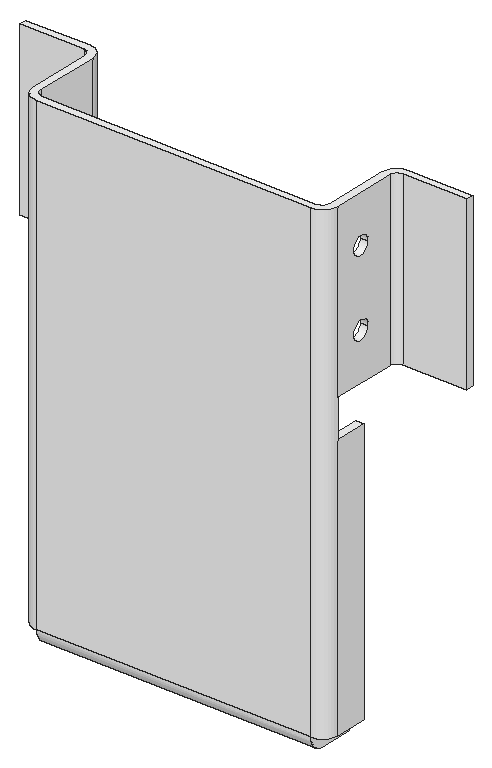
Revit family "DFプレート", category 機械設備, Revit 2020
Family settings
  丸型コネクタ寸法 = 直径を使用
  種別 = なし
  パーツ タイプ = 標準
  作業面ベース = いいえ
  常に垂直 = はい
  ロード時にボイドで切り取り = いいえ
  共有 = いいえ
  部屋計算ポイント = いいえ
Parameters
  製造元 = "株式会社桐井製作所"
  既定の高さ = 0 mm
  URL = "https://www.kirii.co.jp/"
  K_材質 = "溶融亜鉛めっき鋼板及び鋼帯及び鋼帯 JIS G 3302"
  K_名称 = "DFプレート"
  K_単位質量(kg/個) = 0.125
  K_バージョン情報 = "20230413"
  K_めっき付着量 = "K27"
Reference planes
  plane 1 "中心(正面/背面)": y = 0
  plane 2: z = 0
  plane 3 "中心(左/右)": x = 0
Forms (mm)
  Extrusion 1, solid
    sketch origin (0, 0, 0) x (1, 0, 0) y (0, 1, 0)
      loop
        line (-30.5, -16.8) -> (-30.5, -3.2)
        arc (-30.5, -3.2) -> (-31.437, -0.937) -> (-33.7, 0) r 3.2
        line (-33.7, 0) -> (-47.1, 0) -> (-47.1, -1.6) -> (-33.7, -1.6)
        arc (-33.7, -1.6) -> (-32.569, -2.069) -> (-32.1, -3.2) r 1.6
        line (-32.1, -3.2) -> (-32.1, -16.8)
        arc (-32.1, -16.8) -> (-31.163, -19.063) -> (-28.9, -20) r 3.2
        line (-28.9, -20) -> (28.9, -20)
        arc (28.9, -20) -> (31.163, -19.063) -> (32.1, -16.8) r 3.2
        line (32.1, -16.8) -> (32.1, -3.2)
        arc (32.1, -3.2) -> (32.569, -2.069) -> (33.7, -1.6) r 1.6
        line (33.7, -1.6) -> (47.1, -1.6) -> (47.1, 0) -> (33.7, 0)
        arc (33.7, 0) -> (31.437, -0.937) -> (30.5, -3.2) r 3.2
        line (30.5, -3.2) -> (30.5, -16.8)
        arc (30.5, -16.8) -> (30.031, -17.931) -> (28.9, -18.4) r 1.6
        line (28.9, -18.4) -> (-28.9, -18.4)
        arc (-28.9, -18.4) -> (-30.031, -17.931) -> (-30.5, -16.8) r 1.6
    from 0 to 103.2
  Extrusion 2, void
    sketch origin (0, -18.399, 0) x (0, -1, 0) y (0, 0, -1)
      loop
        line (-18.399, -67.2) -> (-1.599, -67.2) -> (-1.599, -59.2) -> (-8.399, -59.2) -> (-8.399, -3.2) -> (1.601, -3.2) -> (1.601, 0) -> (-18.399, 0) -> (-18.399, -67.2)
    from -47.1 to 47.289
  Extrusion 3, void
    sketch origin (0, -1.6, 0) x (0, 1, 0) y (0, 0, 1)
      loop
        circle (-9.2, 93.2) r 2
      loop
        circle (-9.2, 77.2) r 2
    from 30.5 to 32.1
  Extrusion 4, void
    sketch origin (0, -1.6, 0) x (0, 1, 0) y (0, 0, -1)
      loop
        circle (-9.2, -93.2) r 2
      loop
        circle (-9.2, -77.2) r 2
    from 30.5 to 32.1
  Extrusion 5, solid
    sketch origin (0, 0, 0) x (0, 1, 0) y (0, 0, 1)
      loop
        line (-10, 1.6) -> (-16.8, 1.6)
        arc (-16.8, 1.6) -> (-17.931, 2.069) -> (-18.4, 3.2) r 1.6
        line (-18.4, 3.2) -> (-20, 3.2)
        arc (-20, 3.2) -> (-19.063, 0.937) -> (-16.8, 0) r 3.2
        line (-16.8, 0) -> (-10, 0) -> (-10, 1.6)
    from -29.041 to 28.919
Cuts and joins
  Extrusion 2, Extrusion 3, Extrusion 4 cuts Extrusion 1
  joined: Extrusion 1, Extrusion 5
Dimensions and locks
  aligned and locked: level to plane 2
